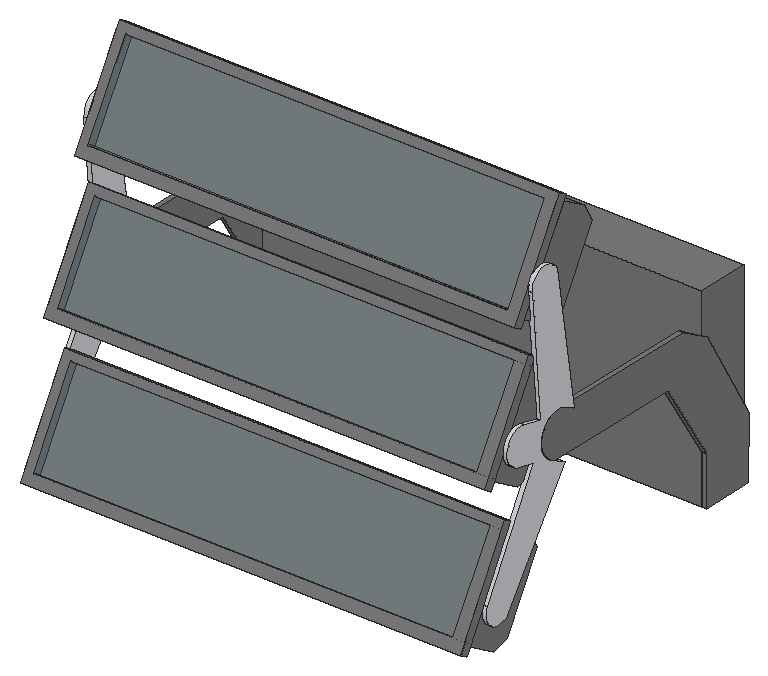
Revit family "Lighting-Proiezione-GEWISS-SPATIUMPRO3-PROIETTORI-LED_OTTICA-ELLITTICA_3MODULI", category Apparecchi per illuminazione, host Superficie, Revit 2019
Family settings
  Host = Superficie
  Quota connettore circolare = Usa diametro
  Tipo di parte = Normale
  Taglio con vuoti quando caricato = No
  Sorgente d'illuminazione = Sì
  Condiviso = Sì
  Punto di calcolo locali = Sì
Parameters (values of type "GWP3333AA857 - SPATIUM PRO 3M CL.I S1 CRI 80 5700K")
  larghezza lampada = Lugnezza massima - 24 mm  # 50 mm
  Wattage = 9.2903 W
  Viti esterne = "Acciaio inossidabile"
  Visibilità etichetta [instance] = yes
  Visibilità simbolo [instance] = yes
  Visibilità lampada in pianta [instance] = yes
  Versioni = "Luce fredda 5700K"
  Versione file RFA = "21.9"
  Variazione temperatura colore lampada con luminosità attenuata = (empty or 0)
  Vano di alimentazione = "Esterno"
  URL = "https://www.gewiss.com/it/it"
  Tolleranza cromatica = "SDCM = 5"
  Tipologia sorgente luminosa = "LED - Non sostituibile"
  Tipo di installazione e montaggio = "Torrefaro - Parete"
  Tipo di apparecchio = "Proiettore LED ad alta potenza"
  Tensione di alimentazione = "Secondo driver esterno"
  Temperatura di esercizio = "-25 +50 °C"
  Temperatura di colore = "5700 K"
  built-in parameter 1150107 = 3200 (stored number, unit not read)
  Superficie massima esposta al vento : = "0,36 m²"
  Spostamento_x_effettivo [instance] = 4000 mm - Spostamento_x  # 4000 mm
  Spostamento_x [instance] = 0 mm
  Spostamento_y_effettivo [instance] = 4000 mm - Spostamento_y  # 4000 mm
  Spostamento_y [instance] = 0 mm
  SostituibilitÃ  piastra di cablaggio = "Si"
  SostituibilitÃ  gruppo ottico = "Non disponibile"
  Sistema di controllo = "Secondo driver esterno"
  Schermo = "Vetro piano extrachiaro spessore 4mm"
  Scheda Tecnica = "https://www.gewiss.com/it/it/search?q=GWP3333AA857"
  Resistenza agli urti = "IK08"
  ROTAZIONE [instance] = 45
  Potenza di sistema = "1200 W"
  Peso (kg): = "30 "
  built-in parameter 1150110 = 1 (stored number, unit not read)
  built-in parameter 1150109 = 1 (stored number, unit not read)
  built-in parameter 1114218 = 1 (stored number, unit not read)
  built-in parameter 1150112 = 1 (stored number, unit not read)
  POSIZIONE = 80000  # constant formula
  Ottica = "Ellittica 30°x80°"
  Norma di riferimento = "EN 60598-1; EN 60598-2-5; IEC/TR 62778; EN 62493"
  built-in parameter 1150142 = (empty or 0)
  built-in parameter 1150137 = (empty or 0)
  built-in parameter 1150132 = (empty or 0)
  Lumen output (lm) = "121000 "
  Lugnezza massima = 74 mm
  Default Elevation = 1219.2 mm
  Produttore = "GEWISS S.p.A."
  Modello = "GWP3333AA857"
  built-in parameter 1150105 = 109.82 (stored number, unit not read)
  built-in parameter 1150102 = (empty or 0)
  Indice di resa cromatica = "CRI 80"
  Inclinazione = "Rotazione su staffa con goniometro integrato"
  Immagine tipo = SPATIUMpro3.jpg
  built-in parameter 1150106 = 1.0982 (stored number, unit not read)
  IPEA = "GRANDI AREE = A // AREE VERDI = B"
  IDT = "4cbaf326-d954-4db2-8587-bd6768d74f33"
  IDF = "2004e2f5-c5c5-4883-a291-f2dbccb3f555"
  Guarnizioni = "silicone antinvecchiamento"
  Gruppo ottico = "lente T.I.R.Ex. in PMMA HT"
  Grado di protezione = "IP66"
  Garanzia = "5 anni"
  Frequenza nominale (Hz) = "Secondo driver esterno"
  Lumens = 1380 lm
  Fissaggio = "Staffa"
  Finitura colore = "Verniciato a polvere poliestere"
  Color Filter = 16777215
  File diagramma fotometrico = "generic"
  built-in parameter 1114217 = 1 (stored number, unit not read)
  built-in parameter 1150139 = (empty or 0)
  Failure rate alimentatore = "Secondo driver esterno"
  Emetti da lunghezza linea = 609.6 mm
  Efficienza luminosa (lm/W) = "101 "
  built-in parameter 1150104 = 13.8 (stored number, unit not read)
  Durata di vita = "L90B10(Tq25°C)>100.000h; L80B10(Tq25°C)>150.000h"
  Distanza dal host [instance] = 0 mm
  Dispositivo di protezione = "Secondo driver esterno"
  built-in parameter 1150115 = 1 (stored number, unit not read)
  built-in parameter 1150114 = 1 (stored number, unit not read)
  built-in parameter 1150113 = 1 (stored number, unit not read)
  Descrizione = "SPATIUM PRO 3M CL.I S1 CRI 80 5700K"
  Creato da GEWISS S.p.A. = ""
  Corpo = "Alluminio pressofuso"
  Controllo abbagliamento e luminanza = "ULOR = 0%"
  Contesto = "Illuminazione di grandi aree"
  built-in parameter 1150134 = 3
  built-in parameter 1150138 = (empty or 0)
  Colore = "Grigio grafite"
  Codice digitale univoco (Datamatrix) = "Attualmente non presente"
  Codice EAN = ""
  Classe isolamento = "I"
  Catalogo = "LIGHTING"
  Cablaggio = "Connettore stagno tra proiettore e gruppo alimentazione"
  COBie.Tagnumber = ""
  COBie.CreatedOn = ""
  COBie.CreatebBy = ""
  COBie.ComponentRegisterItemID = ""
  COBie.Component.TagNumber = ""
  COBie.Component.Space = ""
  COBie.Component.SerialNumber = ""
  COBie.Component.InstallationDate = ""
  COBie.Component.Description = ""
  COBie.Component.BarCode = ""
  Applicazione = "Interno / Esterno"
  Angolo inclinazione = 60.00°
  Alimentatore = "Da ordinare separatamente"
  built-in parameter 1150133 = 10 (stored number, unit not read)
Types (6, lengths in mm): name | Versioni | Temperatura di colore | Scheda Tecnica | Lumen output (lm) | Modello | Indice di resa cromatica | IPEA | IDT | Efficienza luminosa (lm/W) | Descrizione
  GWP3333AA730 - SPATIUM PRO 3M CL.I S1 CRI 70 3000K | "Luce calda 3000K" | "3000 K" | "https://www.gewiss.com/it/it/search?q=GWP3333AA730" | "131000 " | "GWP3333AA730" | "CRI70" | "GRANDI AREE = A+ // AREE VERDI = A" | "89ae7da8-99f3-4c50-82ab-07c53d3ac3c0" | "109 " | "SPATIUM PRO 3M CL.I S1 CRI 70 3000K"
  GWP3333AA740 - SPATIUM PRO 3M CL.I S1 CRI 70 4000K | "Luce naturale 4000K" | "4000 K" | "https://www.gewiss.com/it/it/search?q=GWP3333AA740" | "139500 " | "GWP3333AA740" | "CRI70" | "GRANDI AREE = A++ // AREE VERDI = A+" | "a510f233-f578-44ff-96dc-5e37f1e3c327" | "116 " | "SPATIUM PRO 3M CL.I S1 CRI 70 4000K"
  GWP3333AA757 - SPATIUM PRO 3M CL.I S1 CRI 70 5700K | "Luce fredda 5700K" | "5700 K" | "https://www.gewiss.com/it/it/search?q=GWP3333AA757" | "139500 " | "GWP3333AA757" | "CRI70" | "GRANDI AREE = A++ // AREE VERDI = A+" | "f7276d02-cc87-46ba-8e40-843f710294fa" | "116 " | "SPATIUM PRO 3M CL.I S1 CRI 70 5700K"
  GWP3333AA830 - SPATIUM PRO 3M CL.I S1 CRI 80 3000K | "Luce calda 3000K" | "3000 K" | "https://www.gewiss.com/it/it/search?q=GWP3333AA830" | "116000 " | "GWP3333AA830" | "CRI 80" | "GRANDI AREE = A // AREE VERDI = B" | "9c6d15b3-f3fe-4c74-9d41-b7ecb3d12c17" | "97 " | "SPATIUM PRO 3M CL.I S1 CRI 80 3000K"
  GWP3333AA840 - SPATIUM PRO 3M CL.I S1 CRI 80 4000K | "Luce naturale 4000K" | "4000 K" | "https://www.gewiss.com/it/it/search?q=GWP3333AA840" | "121000 " | "GWP3333AA840" | "CRI 80" | "GRANDI AREE = A // AREE VERDI = B" | "400a2325-6034-4fb0-94da-d4ff2e59c853" | "101 " | "SPATIUM PRO 3M CL.I S1 CRI 80 4000K"
  GWP3333AA857 - SPATIUM PRO 3M CL.I S1 CRI 80 5700K | "Luce fredda 5700K" | "5700 K" | "https://www.gewiss.com/it/it/search?q=GWP3333AA857" | "121000 " | "GWP3333AA857" | "CRI 80" | "GRANDI AREE = A // AREE VERDI = B" | "4cbaf326-d954-4db2-8587-bd6768d74f33" | "101 " | "SPATIUM PRO 3M CL.I S1 CRI 80 5700K"
Reference planes
  plane 1 "Centro (Fronte/Retro)": y = 0
  plane 2: z = 0
  plane 3 "Centro (Sinistra/Destra)": x = 0
  plane 4: x = -4000
  plane 5: x = 0
  plane 6: x = 0
  plane 7: y = -4000
  plane 8: y = 0
  plane 9 "a": through (0, -290.182, 34.975) normal (0, -0.7071, 0.7071)
  plane 10: through (-235.047, -128.222, 1219.2) normal (-0.9563, 0.2924, 0)
  plane 11: through (-40, -89.462, 1219.2) normal (0.1564, 0.9877, 0)
  plane 12: through (239.503, 190.64, 1219.2) normal (0.9563, -0.2924, 0)
Dimensions and locks
  plane 4 to plane 3 "Centro (Sinistra/Destra)" = 4000 mm  (x2)
  "Spostamento_x_effettivo": plane 4 to plane 5
  "Spostamento_x_effettivo": plane 6 to plane 4
  "Spostamento_y_effettivo": plane 8 to plane 7
  plane 1 "Centro (Fronte/Retro)" to plane 7 = 4000 mm
  angle plane 11 to plane 12 = 82.00°  (x2)
  angle plane 10 to plane 11 = 98.00°
  aligned and locked: plane 2 to host face
  aligned and locked: level to host face
  aligned and locked: plane 6 to nested 1
  aligned and locked: nested 1 to plane 8
  aligned and locked: plane 8 to nested 2
  aligned and locked: imposter light to nested 2
Automatic sketch dimensions
  host sketch curve to host sketch curve = 2438.4 mm  (x2)
Nested families
  nested 1: "Etichetta light" at (0, 0, 0), visible <- "Visibilità etichetta", type "Etichetta light"
  nested 2: "STADIUM PRO 3_led" at (0, -90, 0), type "STADIUM PRO 3_led"
Definition of nested family "STADIUM PRO 3_led"
  Parameters (values of type "STADIUM PRO 3_led")
    led = none
    l_proiettore = 772 mm
    h_lampada = 58 mm
    Finitura struttura = none
  Reference planes
    plane 1 "Centro (Fronte/Retro)": y = 0
    plane 2: z = 0
    plane 3 "Centro (Sinistra/Destra)": x = 0
    plane 4: x = 386
    plane 5: x = 378
    plane 6: x = -386
    plane 7: x = -378
    plane 8: y = 90
  Forms (mm)
    Extrusion 1, solid, material <- "Finitura struttura"
      sketch origin (0, 0, 0) x (0, 1, 0) y (0, 0, -1)
        loop
          arc (-316.352, -217.267) -> (-353.722, -254.637) -> (-316.352, -292.007) r 37.37
          line (-316.352, -292.007) -> (-48.852, -292.007) -> (0, -263.802) -> (90, -107.918) -> (90, 0) -> (0, 0) -> (0, -85) -> (-82.649, -217.267) -> (-316.352, -217.267)
      from 378 to 386
    Extrusion 2, solid, material <- "Finitura struttura"
      sketch origin (0, 0, 0) x (1, 0, 0) y (0, 1, 0)
        loop
          line (378, 0) -> (378, 90) -> (-378, 90) -> (-378, 0) -> (378, 0)
      from 0 to 333
    Extrusion 3, solid, material <- "Finitura struttura"
      sketch origin (0, 0, 0) x (0, 1, 0) y (0, 0, 1)
        loop
          line (-316.352, 217.267) -> (-82.649, 217.267) -> (0, 85) -> (0, 0) -> (90, 0) -> (90, 107.918) -> (0, 263.802) -> (-48.852, 292.007) -> (-316.352, 292.007)
          arc (-316.352, 292.007) -> (-353.722, 254.637) -> (-316.352, 217.267) r 37.37
      from 378 to 386
    Extrusion 4, solid, material <- "led"
      sketch origin (0, 1268.525, -1383.744) x (0, 0.866025, -0.5) y (0, 0.5, 0.866025)
        loop
          line (-2238.14, 322.274) -> (-2223.14, 322.274) -> (-2223.14, 482.274) -> (-2238.14, 482.274) -> (-2238.14, 322.274)
      from -378 to 378
    Extrusion 5, solid, material <- "Finitura struttura"
      sketch origin (0, 1262.235, -1379.076) x (0, 0.866025, -0.5) y (0, 0.5, 0.866025)
        loop
          line (-2215.359, 316.368) -> (-2156.261, 316.368) -> (-2135.048, 337.581) -> (-2135.048, 467.581) -> (-2165.359, 485.081) -> (-2215.359, 485.081) -> (-2215.359, 316.368)
      from -378 to 378
    Extrusion 6, solid, material <- "Finitura struttura"
      sketch origin (0, -28.39, -231.475) x (1, 0, 0) y (0, 0.5, 0.866025)
        loop
          line (-378, 146.542) -> (-378, -45.315) -> (378, -45.315) -> (378, 146.542) -> (-378, 146.542)
        loop
          line (-362.033, 132.837) -> (-362.033, -27.163) -> (357.967, -27.163) -> (357.967, 132.837) -> (-362.033, 132.837)
      from 523.844 to 538.844
    Extrusion 7, solid, material <- "Finitura struttura", not visible
      sketch origin (0, 1866.103, -348.539) x (0, 1, 0) y (0, 0, 1)
        loop
          line (-2215.359, 316.368) -> (-2156.261, 316.368) -> (-2135.048, 337.581) -> (-2135.048, 467.581) -> (-2165.359, 485.081) -> (-2215.359, 485.081) -> (-2215.359, 316.368)
      from -378 to 378
    Extrusion 8, solid, material <- "Finitura struttura", not visible
      sketch origin (0, 0, 0) x (1, 0, 0) y (0, 0, 1)
        loop
          line (-378, 146.542) -> (-378, -45.315) -> (378, -45.315) -> (378, 146.542) -> (-378, 146.542)
        loop
          line (-362.033, 132.837) -> (-362.033, -27.163) -> (357.967, -27.163) -> (357.967, 132.837) -> (-362.033, 132.837)
      from 349.256 to 364.256
    Extrusion 9, solid, material <- "Finitura struttura"
      sketch origin (0, 1313.7, -1147.467) x (0, 0.866025, -0.5) y (0, 0.5, 0.866025)
        loop
          line (-2215.359, 316.368) -> (-2156.261, 316.368) -> (-2135.048, 337.581) -> (-2135.048, 467.581) -> (-2165.359, 485.081) -> (-2215.359, 485.081) -> (-2215.359, 316.368)
      from -378 to 378
    Extrusion 10, solid, material <- "Finitura struttura"
      sketch origin (0, -128.124, 87.428) x (1, 0, 0) y (0, 0.5, 0.866025)
        loop
          line (-378, 146.542) -> (-378, -45.315) -> (378, -45.315) -> (378, 146.542) -> (-378, 146.542)
        loop
          line (-362.033, 132.837) -> (-362.033, -27.163) -> (357.967, -27.163) -> (357.967, 132.837) -> (-362.033, 132.837)
      from 349.256 to 364.256
    Extrusion 11, solid, material <- "Finitura struttura"
      sketch origin (0, 1379.031, -926.749) x (0, 0.866025, -0.5) y (0, 0.5, 0.866025)
        loop
          line (-2215.359, 316.368) -> (-2156.261, 316.368) -> (-2135.048, 337.581) -> (-2135.048, 467.581) -> (-2165.359, 485.081) -> (-2215.359, 485.081) -> (-2215.359, 316.368)
      from -378 to 378
    Extrusion 12, solid, material <- "Finitura struttura"
      sketch origin (0, -62.793, 308.146) x (1, 0, 0) y (0, 0.5, 0.866025)
        loop
          line (-378, 146.542) -> (-378, -45.315) -> (378, -45.315) -> (378, 146.542) -> (-378, 146.542)
        loop
          line (-362.033, 132.837) -> (-362.033, -27.163) -> (357.967, -27.163) -> (357.967, 132.837) -> (-362.033, 132.837)
      from 349.256 to 364.256
    Extrusion 13, solid, material <- "led", not visible
      sketch origin (0, 1873.885, -376.937) x (0, 1, 0) y (0, 0, 1)
        loop
          line (-2238.14, 322.274) -> (-2223.14, 322.274) -> (-2223.14, 482.274) -> (-2238.14, 482.274) -> (-2238.14, 322.274)
      from -378 to 378
    Extrusion 14, solid, material <- "Finitura struttura", not visible
      sketch origin (0, 1866.103, -376.039) x (0, 1, 0) y (0, 0, 1)
        loop
          line (-2215.359, 316.368) -> (-2156.261, 316.368) -> (-2135.048, 337.581) -> (-2135.048, 467.581) -> (-2165.359, 485.081) -> (-2215.359, 485.081) -> (-2215.359, 316.368)
      from -378 to 378
    Extrusion 15, solid, material <- "Finitura struttura", not visible
      sketch origin (0, 0, -27.5) x (1, 0, 0) y (0, 0, 1)
        loop
          line (-378, 146.542) -> (-378, -45.315) -> (378, -45.315) -> (378, 146.542) -> (-378, 146.542)
        loop
          line (-362.033, 132.837) -> (-362.033, -27.163) -> (357.967, -27.163) -> (357.967, 132.837) -> (-362.033, 132.837)
      from 349.256 to 364.256
    Extrusion 16, solid, material <- "Finitura struttura", not visible
      sketch origin (0, 1794.869, -149.727) x (0, 1, 0) y (0, 0, 1)
        loop
          line (-2215.359, 316.368) -> (-2156.261, 316.368) -> (-2135.048, 337.581) -> (-2135.048, 467.581) -> (-2165.359, 485.081) -> (-2215.359, 485.081) -> (-2215.359, 316.368)
      from -378 to 378
    Extrusion 17, solid, material <- "Finitura struttura", not visible
      sketch origin (0, -71.234, 198.812) x (1, 0, 0) y (0, 0, 1)
        loop
          line (-378, 146.542) -> (-378, -45.315) -> (378, -45.315) -> (378, 146.542) -> (-378, 146.542)
        loop
          line (-362.033, 132.837) -> (-362.033, -27.163) -> (357.967, -27.163) -> (357.967, 132.837) -> (-362.033, 132.837)
      from 349.256 to 364.256
    Extrusion 18, solid, material <- "Finitura struttura", not visible
      sketch origin (0, 1741.088, 74.086) x (0, 1, 0) y (0, 0, 1)
        loop
          line (-2215.359, 316.368) -> (-2156.261, 316.368) -> (-2135.048, 337.581) -> (-2135.048, 467.581) -> (-2165.359, 485.081) -> (-2215.359, 485.081) -> (-2215.359, 316.368)
      from -378 to 378
    Extrusion 19, solid, material <- "Finitura struttura", not visible
      sketch origin (0, -125.015, 422.625) x (1, 0, 0) y (0, 0, 1)
        loop
          line (-378, 146.542) -> (-378, -45.315) -> (378, -45.315) -> (378, 146.542) -> (-378, 146.542)
        loop
          line (-362.033, 132.837) -> (-362.033, -27.163) -> (357.967, -27.163) -> (357.967, 132.837) -> (-362.033, 132.837)
      from 349.256 to 364.256
    Extrusion 20, solid, material <- "led", not visible
      sketch origin (0, 1268.525, -1383.744) x (0, 0.866025, -0.5) y (0, 0.5, 0.866025)
        loop
          line (-2238.14, 322.274) -> (-2223.14, 322.274) -> (-2223.14, 482.274) -> (-2238.14, 482.274) -> (-2238.14, 322.274)
      from -378 to 378
    Extrusion 21, solid, material <- "Finitura struttura", not visible
      sketch origin (0, 1262.235, -1379.076) x (0, 0.866025, -0.5) y (0, 0.5, 0.866025)
        loop
          line (-2215.359, 316.368) -> (-2156.261, 316.368) -> (-2135.048, 337.581) -> (-2135.048, 467.581) -> (-2165.359, 485.081) -> (-2215.359, 485.081) -> (-2215.359, 316.368)
      from -378 to 378
    Extrusion 22, solid, material <- "Finitura struttura", not visible
      sketch origin (0, -28.39, -231.475) x (1, 0, 0) y (0, 0.5, 0.866025)
        loop
          line (-378, 146.542) -> (-378, -45.315) -> (378, -45.315) -> (378, 146.542) -> (-378, 146.542)
        loop
          line (-362.033, 132.837) -> (-362.033, -27.163) -> (357.967, -27.163) -> (357.967, 132.837) -> (-362.033, 132.837)
      from 523.844 to 538.844
    Extrusion 23, solid, material <- "Finitura struttura", not visible
      sketch origin (0, 1379.031, -926.749) x (0, 0.866025, -0.5) y (0, 0.5, 0.866025)
        loop
          line (-2215.359, 316.368) -> (-2156.261, 316.368) -> (-2135.048, 337.581) -> (-2135.048, 467.581) -> (-2165.359, 485.081) -> (-2215.359, 485.081) -> (-2215.359, 316.368)
      from -378 to 378
    Extrusion 24, solid, material <- "Finitura struttura", not visible
      sketch origin (0, -62.793, 308.146) x (1, 0, 0) y (0, 0.5, 0.866025)
        loop
          line (-378, 146.542) -> (-378, -45.315) -> (378, -45.315) -> (378, 146.542) -> (-378, 146.542)
        loop
          line (-362.033, 132.837) -> (-362.033, -27.163) -> (357.967, -27.163) -> (357.967, 132.837) -> (-362.033, 132.837)
      from 349.256 to 364.256
    Extrusion 25, solid, material <- "led"
      sketch origin (0, 1319.99, -1152.136) x (0, 0.866025, -0.5) y (0, 0.5, 0.866025)
        loop
          line (-2238.14, 322.274) -> (-2223.14, 322.274) -> (-2223.14, 482.274) -> (-2238.14, 482.274) -> (-2238.14, 322.274)
      from -378 to 378
    Extrusion 26, solid, material <- "led"
      sketch origin (0, 1386.433, -929.491) x (0, 0.866025, -0.5) y (0, 0.5, 0.866025)
        loop
          line (-2238.14, 322.274) -> (-2223.14, 322.274) -> (-2223.14, 482.274) -> (-2238.14, 482.274) -> (-2238.14, 322.274)
      from -378 to 378
  Dimensions and locks
    locked: plane 5 to plane 4 at 8
    equal spacing: plane 6, plane 3 "Centro (Sinistra/Destra)", plane 4
    "l_proiettore": plane 6 to plane 4
    locked: plane 6 to plane 7 at 8
    locked: plane 1 "Centro (Fronte/Retro)" to plane 8 at 90
    plane 6 to plane 7 = 8 mm
    aligned and locked: level to plane 2
    aligned and locked: Extrusion 1 to plane 7
    aligned and locked: plane 6 to Extrusion 1
    aligned and locked: Extrusion 2 sketch curve to plane 7
    aligned and locked: Extrusion 2 sketch curve to plane 5
    aligned and locked: plane 1 "Centro (Fronte/Retro)" to Extrusion 2
    aligned and locked: plane 8 to Extrusion 2
    aligned and locked: Extrusion 3 to plane 4
    aligned and locked: plane 5 to Extrusion 3
    aligned and locked: plane 4 to nested 1
    aligned and locked: plane 7 to Extrusion 4
    aligned and locked: Extrusion 4 to plane 5
    aligned and locked: Extrusion 5 to Extrusion 1
    aligned and locked: Extrusion 5 to plane 5
    aligned and locked: Extrusion 6 to Extrusion 4  (x2)
    aligned and locked: Extrusion 4 sketch curve to Extrusion 6  (x2)
    aligned and locked: Extrusion 13 sketch curve to Extrusion 15  (x2)
    aligned and locked: Extrusion 20 sketch curve to Extrusion 22  (x2)
  Automatic sketch dimensions
    Extrusion 7 sketch curve to Extrusion 7 sketch curve = 21.213 mm  (x2)
    Extrusion 7 sketch curve to Extrusion 7 sketch curve = 17.5 mm
    Extrusion 8 sketch curve to Extrusion 8 sketch curve = 18.152 mm
    Extrusion 8 sketch curve to Extrusion 8 sketch curve = 13.704 mm
    Extrusion 7 sketch curve to Extrusion 7 sketch curve = 50 mm
    Extrusion 7 sketch curve to Extrusion 7 sketch curve = 59.098 mm
    Extrusion 7 sketch curve to Extrusion 7 sketch curve = 130 mm
    Extrusion 8 sketch curve to Extrusion 8 sketch curve = 15.967 mm
    Extrusion 8 sketch curve to Extrusion 8 sketch curve = 720 mm
    Extrusion 8 sketch curve to Extrusion 8 sketch curve = 20.033 mm
    Extrusion 8 sketch curve to Extrusion 8 sketch curve = 160 mm
    Extrusion 14 sketch curve to Extrusion 14 sketch curve = 21.213 mm  (x2)
    Extrusion 14 sketch curve to Extrusion 14 sketch curve = 17.5 mm
    Extrusion 15 sketch curve to Extrusion 15 sketch curve = 18.152 mm
    Extrusion 15 sketch curve to Extrusion 15 sketch curve = 13.704 mm
    Extrusion 14 sketch curve to Extrusion 14 sketch curve = 50 mm
    Extrusion 14 sketch curve to Extrusion 14 sketch curve = 59.098 mm
    Extrusion 14 sketch curve to Extrusion 14 sketch curve = 130 mm
    Extrusion 15 sketch curve to Extrusion 15 sketch curve = 15.967 mm
    Extrusion 15 sketch curve to Extrusion 15 sketch curve = 720 mm
    Extrusion 15 sketch curve to Extrusion 15 sketch curve = 20.033 mm
    Extrusion 15 sketch curve to Extrusion 15 sketch curve = 160 mm
    Extrusion 16 sketch curve to Extrusion 16 sketch curve = 21.213 mm  (x2)
    Extrusion 16 sketch curve to Extrusion 16 sketch curve = 17.5 mm
    Extrusion 17 sketch curve to Extrusion 17 sketch curve = 18.152 mm
    Extrusion 17 sketch curve to Extrusion 17 sketch curve = 13.704 mm
    Extrusion 16 sketch curve to Extrusion 16 sketch curve = 50 mm
    Extrusion 16 sketch curve to Extrusion 16 sketch curve = 59.098 mm
    Extrusion 16 sketch curve to Extrusion 16 sketch curve = 130 mm
    Extrusion 17 sketch curve to Extrusion 17 sketch curve = 15.967 mm
    Extrusion 17 sketch curve to Extrusion 17 sketch curve = 720 mm
    Extrusion 17 sketch curve to Extrusion 17 sketch curve = 20.033 mm
    Extrusion 17 sketch curve to Extrusion 17 sketch curve = 160 mm
    Extrusion 18 sketch curve to Extrusion 18 sketch curve = 21.213 mm  (x2)
    Extrusion 18 sketch curve to Extrusion 18 sketch curve = 17.5 mm
    Extrusion 19 sketch curve to Extrusion 19 sketch curve = 18.152 mm
    Extrusion 19 sketch curve to Extrusion 19 sketch curve = 13.704 mm
    Extrusion 18 sketch curve to Extrusion 18 sketch curve = 50 mm
    Extrusion 18 sketch curve to Extrusion 18 sketch curve = 59.098 mm
    Extrusion 18 sketch curve to Extrusion 18 sketch curve = 130 mm
    Extrusion 19 sketch curve to Extrusion 19 sketch curve = 15.967 mm
    Extrusion 19 sketch curve to Extrusion 19 sketch curve = 720 mm
    Extrusion 19 sketch curve to Extrusion 19 sketch curve = 20.033 mm
    Extrusion 19 sketch curve to Extrusion 19 sketch curve = 160 mm
    Extrusion 13 sketch curve to Extrusion 13 sketch curve = 15 mm
    Extrusion 21 sketch curve to Extrusion 21 sketch curve = 21.213 mm  (x2)
    Extrusion 21 sketch curve to Extrusion 21 sketch curve = 17.5 mm
    Extrusion 22 sketch curve to Extrusion 22 sketch curve = 18.152 mm
    Extrusion 22 sketch curve to Extrusion 22 sketch curve = 13.704 mm
    Extrusion 21 sketch curve to Extrusion 21 sketch curve = 50 mm
    Extrusion 21 sketch curve to Extrusion 21 sketch curve = 59.098 mm
    Extrusion 21 sketch curve to Extrusion 21 sketch curve = 130 mm
    Extrusion 22 sketch curve to Extrusion 22 sketch curve = 15.967 mm
    Extrusion 22 sketch curve to Extrusion 22 sketch curve = 720 mm
    Extrusion 22 sketch curve to Extrusion 22 sketch curve = 20.033 mm
    Extrusion 22 sketch curve to Extrusion 22 sketch curve = 160 mm
    Extrusion 23 sketch curve to Extrusion 23 sketch curve = 21.213 mm  (x2)
    Extrusion 23 sketch curve to Extrusion 23 sketch curve = 17.5 mm
    Extrusion 24 sketch curve to Extrusion 24 sketch curve = 18.152 mm
    Extrusion 24 sketch curve to Extrusion 24 sketch curve = 13.704 mm
    Extrusion 23 sketch curve to Extrusion 23 sketch curve = 50 mm
    Extrusion 23 sketch curve to Extrusion 23 sketch curve = 59.098 mm
    Extrusion 23 sketch curve to Extrusion 23 sketch curve = 130 mm
    Extrusion 24 sketch curve to Extrusion 24 sketch curve = 15.967 mm
    Extrusion 24 sketch curve to Extrusion 24 sketch curve = 720 mm
    Extrusion 24 sketch curve to Extrusion 24 sketch curve = 20.033 mm
    Extrusion 24 sketch curve to Extrusion 24 sketch curve = 160 mm
    Extrusion 20 sketch curve to Extrusion 20 sketch curve = 15 mm
    Extrusion 1 sketch curve to plane 1 "Centro (Fronte/Retro)" = 0 mm  (x2)
    Extrusion 1 sketch curve to level = 0 mm
    Extrusion 1 sketch curve to plane 8 = 0 mm
    plane 1 "Centro (Fronte/Retro)" to Extrusion 1 sketch curve = 48.852 mm
    Extrusion 1 sketch curve to Extrusion 1 sketch curve = 33.798 mm
    Extrusion 1 sketch curve to Extrusion 1 sketch curve = 233.702 mm
    level to Extrusion 1 sketch curve = 85 mm
    Extrusion 1 sketch curve to Extrusion 1 sketch curve = 22.918 mm
    Extrusion 1 sketch curve to Extrusion 1 sketch curve = 132.267 mm
    Extrusion 1 sketch curve to Extrusion 1 sketch curve = 37.37 mm
    Extrusion 1 sketch curve to Extrusion 1 sketch curve = 28.204 mm
    plane 1 "Centro (Fronte/Retro)" to Extrusion 2 sketch curve = 0 mm
    Extrusion 2 sketch curve to plane 8 = 0 mm
    Extrusion 3 sketch curve to plane 1 "Centro (Fronte/Retro)" = 0 mm  (x2)
    Extrusion 3 sketch curve to level = 0 mm
    Extrusion 3 sketch curve to plane 8 = 0 mm
    plane 1 "Centro (Fronte/Retro)" to Extrusion 3 sketch curve = 48.852 mm
    Extrusion 3 sketch curve to Extrusion 3 sketch curve = 33.798 mm
    Extrusion 3 sketch curve to Extrusion 3 sketch curve = 233.702 mm
    level to Extrusion 3 sketch curve = 85 mm
    Extrusion 3 sketch curve to Extrusion 3 sketch curve = 22.918 mm
    level to Extrusion 3 sketch curve = 217.267 mm
    Extrusion 3 sketch curve to Extrusion 3 sketch curve = 37.37 mm
    Extrusion 3 sketch curve to Extrusion 3 sketch curve = 28.204 mm
    level to Extrusion 4 sketch curve = 152.988 mm
    Extrusion 4 sketch curve to Extrusion 4 sketch curve = 15 mm
    level to Extrusion 5 sketch curve = 2.586 mm
    plane 1 "Centro (Fronte/Retro)" to Extrusion 5 sketch curve = 498.139 mm
    Extrusion 5 sketch curve to Extrusion 5 sketch curve = 50 mm
    Extrusion 5 sketch curve to Extrusion 5 sketch curve = 59.098 mm
    Extrusion 5 sketch curve to Extrusion 5 sketch curve = 21.213 mm  (x2)
    Extrusion 5 sketch curve to Extrusion 5 sketch curve = 130 mm
    Extrusion 5 sketch curve to Extrusion 5 sketch curve = 17.5 mm
    Extrusion 6 sketch curve to plane 7 = 0 mm
    Extrusion 6 sketch curve to plane 5 = 0 mm
    Extrusion 6 sketch curve to plane 7 = 15.967 mm
    plane 5 to Extrusion 6 sketch curve = 20.033 mm
    Extrusion 6 sketch curve to Extrusion 6 sketch curve = 18.152 mm
    Extrusion 6 sketch curve to Extrusion 6 sketch curve = 160 mm
    Extrusion 6 sketch curve to Extrusion 6 sketch curve = 13.704 mm
    level to Extrusion 9 sketch curve = 234.195 mm
    plane 1 "Centro (Fronte/Retro)" to Extrusion 9 sketch curve = 446.674 mm
    Extrusion 9 sketch curve to Extrusion 9 sketch curve = 50 mm
    Extrusion 9 sketch curve to Extrusion 9 sketch curve = 59.098 mm
    Extrusion 9 sketch curve to Extrusion 9 sketch curve = 21.213 mm  (x2)
    Extrusion 9 sketch curve to Extrusion 9 sketch curve = 130 mm
    Extrusion 9 sketch curve to Extrusion 9 sketch curve = 17.5 mm
    Extrusion 10 sketch curve to plane 7 = 0 mm
    Extrusion 10 sketch curve to plane 5 = 0 mm
    Extrusion 10 sketch curve to plane 7 = 15.967 mm
    plane 5 to Extrusion 10 sketch curve = 20.033 mm
    Extrusion 10 sketch curve to Extrusion 10 sketch curve = 18.152 mm
    Extrusion 10 sketch curve to Extrusion 10 sketch curve = 160 mm
    Extrusion 10 sketch curve to Extrusion 10 sketch curve = 13.704 mm
    plane 1 "Centro (Fronte/Retro)" to Extrusion 11 sketch curve = 381.342 mm
    level to Extrusion 11 sketch curve = 454.913 mm
    Extrusion 11 sketch curve to Extrusion 11 sketch curve = 50 mm
    Extrusion 11 sketch curve to Extrusion 11 sketch curve = 59.098 mm
    Extrusion 11 sketch curve to Extrusion 11 sketch curve = 21.213 mm  (x2)
    Extrusion 11 sketch curve to Extrusion 11 sketch curve = 130 mm
    Extrusion 11 sketch curve to Extrusion 11 sketch curve = 17.5 mm
    Extrusion 12 sketch curve to plane 7 = 0 mm
    Extrusion 12 sketch curve to plane 5 = 0 mm
    Extrusion 12 sketch curve to plane 7 = 15.967 mm
    plane 5 to Extrusion 12 sketch curve = 20.033 mm
    Extrusion 12 sketch curve to Extrusion 12 sketch curve = 18.152 mm
    Extrusion 12 sketch curve to Extrusion 12 sketch curve = 160 mm
    Extrusion 12 sketch curve to Extrusion 12 sketch curve = 13.704 mm
    plane 1 "Centro (Fronte/Retro)" to Extrusion 25 sketch curve = 377.16 mm
    level to Extrusion 25 sketch curve = 384.596 mm
    Extrusion 25 sketch curve to Extrusion 25 sketch curve = 15 mm
    Extrusion 25 sketch curve to Extrusion 25 sketch curve = 160 mm
    plane 1 "Centro (Fronte/Retro)" to Extrusion 26 sketch curve = 310.717 mm
    level to Extrusion 26 sketch curve = 607.241 mm
    Extrusion 26 sketch curve to Extrusion 26 sketch curve = 15 mm
    Extrusion 26 sketch curve to Extrusion 26 sketch curve = 160 mm
  Nested families
    nested 1: "STADIUM PRO 3_led_griglia" at (386, -353.722, -71.791) x (-1, 0, 0) z (0, 0, 1), type "STADIUM PRO 3_led_griglia"
    nested 2: "STADIUM PRO 3_led_griglia" at (-386, -351.222, -72.839), type "STADIUM PRO 3_led_griglia"
    nested 3: "STADIUM PRO 3_led_griglia" at (386, -353.722, -89.291) x (-1, 0, 0) z (0, 0, 1), type "STADIUM PRO 3_led_griglia", not visible
  Definition of nested family "STADIUM PRO 3_led_griglia"
    Parameters (values of type "STADIUM PRO 3_led_griglia")
      led = none
      l_proiettore = 772 mm
      h_lampada = 58 mm
      Finitura struttura = none
    Reference planes
      plane 1 "Centro (Fronte/Retro)": y = 0
      plane 2: z = 0
      plane 3 "Centro (Sinistra/Destra)": x = 0
      plane 4: z = 254.637
      plane 5: x = 8
      plane 6: y = -1611.166
    Forms (mm)
      Extrusion 1, solid
        sketch origin (0, -347.045, 155.161) x (0, -0.87462, -0.48481) y (0, 0.48481, -0.87462)
          loop
            line (-481.926, -221.779) -> (-337.46, -36.872) -> (-356.574, -36.872)
            arc (-356.574, -36.872) -> (-393.653, 0.207) -> (-356.574, 37.286) r 37.079
            line (-356.574, 37.286) -> (-319.987, 37.286) -> (-338.868, 253.098)
            arc (-338.868, 253.098) -> (-366.835, 274.557) -> (-390.65, 248.568) r 26.089
            line (-390.65, 248.568) -> (-390.65, 46.034) -> (-424.457, 55.092)
            arc (-424.457, 55.092) -> (-462.1, 33.359) -> (-440.367, -4.284) r 30.735
            line (-440.367, -4.284) -> (-405.737, -13.563) -> (-520.298, -183.407)
            arc (-520.298, -183.407) -> (-516.928, -218.409) -> (-481.926, -221.779) r 27.641
        from 0 to 8
    Dimensions and locks
      plane 3 "Centro (Sinistra/Destra)" to plane 5 = 8 mm
      aligned and locked: level to plane 2
Definition of nested family "Etichetta light"
  Parameters (values of type "ETICHETTA LIGHT")
    COMMENTI = "330W"
  Reference planes
    plane 1: y = 0
    plane 2: x = 0
  Text (mm)
    label "COMMENTI" at (-0.057, 0.105, 0), shows "COMMENTI"
